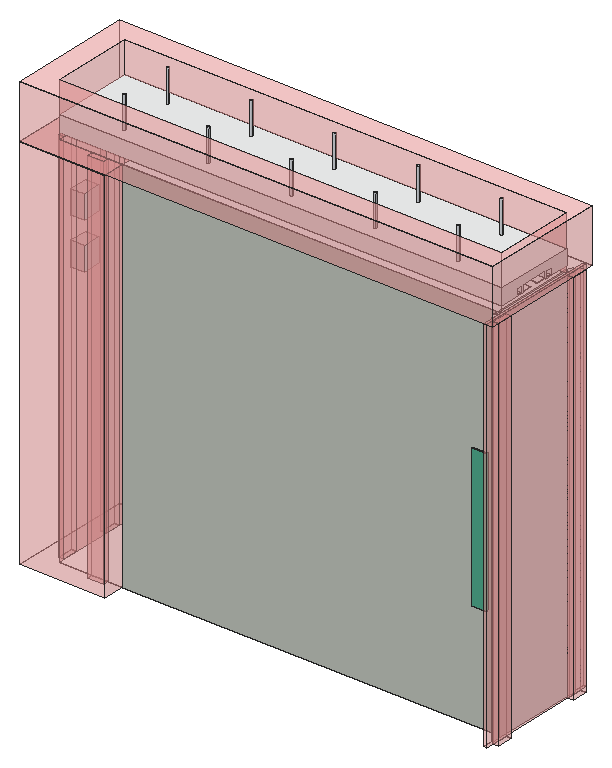
Revit family "Doors-Sliding_WON-DOOR_Fireguard-FG-Slim_Rods", category Doors, host Wall, Revit 2020
Family settings
  Host = Wall
  OmniClass Number = 23.17.11.31
  Always vertical = Yes
  Cut with Voids When Loaded = No
  Shared = No
  Room Calculation Point = No
Parameters (values of type "Height 7'-0"")
  Width Count [instance] = Width / 0' 1"  # 84
  Width [instance] = if(Clear Opening Width > Max Width, Max Width, if(Clear Opening Width < Min Width, Min Width, Clear Opening Width))  # 7' - 0"
  Wall Construction Clearance ( by other ) [instance] = yes
  Wall Constraction Without Pocket [instance] = if(and(Integer Parameter = 2, [Wall Construction Clearance ( by other )]), 1 = 1, 1 = 2)  # yes
  Wall Constraction With Pocket [instance] = if(and(Integer Parameter = 1, [Wall Construction Clearance ( by other )]), 1 = 1, 1 = 2)  # no
  Voltage [instance] = 120 V
  Value Step for Rod [instance] = if(not([Threaded Rods ( by Won-Door )]), Max Step for Threaded Rods, if(Step for Threaded Rods < Min Step for Threaded Rods, Min Step for Threaded Rods, if(Step for Threaded Rods > Max Step for Threaded Rods, Max Step for Threaded Rods, Step for Threaded Rods)))  # 2' - 0"
  Threaded Rods Height [instance] = Real Head Height - 0' 4 255/256"  # 0' - 7 1/256"
  Threaded Rods ( by Won-Door ) [instance] = yes
  Step for Threaded Rods [instance] = 2' - 0"
  Real Step for Threaded Rods [instance] = (General Length for Rod - 2' 0") / (Count Rod - 1)  # 1' - 6 1/2"
  Min Step for Threaded Rods [instance] = 0' - 1"  # constant formula
  Max Step for Threaded Rods [instance] = 6' - 5"  # constant formula
  Lookup Table = ""
  Integer Parameter Description [instance] = if(Integer Parameter = 1, "With Pocket", "Without Pocket")  # "Without Pocket"
  General Length for Rod [instance] = Width + Stack Depth  # 8' - 2"
  Count Rod [instance] = 1 + roundup((General Length for Rod - 2' 0") / Value Step for Rod)  # 5
  Backing Profile Without Pocket [instance] = if(and(Integer Parameter = 2, [Backing Profile Clearance ( by other )]), 1 = 1, 1 = 2)  # yes
  Backing Profile With Pocket [instance] = if(and(Integer Parameter = 1, [Backing Profile Clearance ( by other )]), 1 = 1, 1 = 2)  # no
  Version = 1
  URL = "https://www.wondoor.com/"
  Thickness = 1' - 6"  # constant formula
  Stack Depth [instance] = 1' - 2"  # constant formula
  Rough Width [instance] = Width + Stack Depth  # 8' - 2"
  Rough Height [instance] = Height + Real Head Height  # 8' - 0"
  Real Head Height [instance] = if(Head Height < Min Head Height, Min Head Height, Head Height)  # 1' - 0"
  Product data url = "https://bimobject.com/hortonautomatics/product/WON-DOOR-fireguard-fg-slim"
  Product Page URL = "https://wondoor.concora.com/products/5b755091-87b2-4cd1-bf2c-3ef30ec55121"
  Power Factor [instance] = 1
  Pocket Thickness = 2' - 3 3/4"  # constant formula
  Open [instance] = no
  Offset for Stack Depth = if(Pocket Thickness = 2' 3 3/4", 0' 4 7/8", if(Pocket Thickness = 2' 6 1/4", 0' 6 1/8", 0' 7 3/8"))  # 0' - 4 7/8"
  Offset for Backing Width = if(or(Pocket Thickness = 2' 6 1/4", Pocket Thickness = 2' 8 3/4"), 0' 3 1/4", 0' 3 1/8")  # 0' - 3 1/8"
  Offset for Backing Depth = if(Pocket Thickness = 2' 6 1/4", 0' 7 3/8", if(Pocket Thickness = 2' 8 3/4", 0' 8 5/8", 0' 6 1/8"))  # 0' - 6 1/8"
  Number of Poles [instance] = 1
  Model = "Fireguard FG Slim"  # constant formula
  Min Width [instance] = 4' - 0"  # constant formula
  Min Head Height [instance] = 1' - 0"  # constant formula
  Max Width [instance] = 9' - 0"  # constant formula
  Max Head Height [instance] = 5' - 0"  # constant formula
  Manufacturer = "Won-Door Corporation"  # constant formula
  Wall Closure = By host
  Integer Parameter [instance] = 2
  Height = 7' - 0"
  Head Height [instance] = 1' - 0"
  Fire Rating = ""
  Door Finish = Won-Door-Metal-Platinum
  Description = "The development of the accordion-type, horizontal sliding fire door– invented by Won-Door Corporation – has had a profound influence on the model code requirements that regulate their use. They may replace traditional solutions in virtually any means of egress. The Won-Door FireGuard Slim door is specifically designed for straight, single-parting applications that are 7' or 8' in height and up to 9' wide clear opening."  # constant formula
  Date Updated = ""
  Date Created = "2023/10/24"  # constant formula
  Current [instance] = 10 A  # constant formula
  Connector Description [instance] = "100-240 VAC, 60/50 Hz, 10 AMP"  # constant formula
  Closed [instance] = not(Open)  # yes
  Clear Opening Width [instance] = 7' - 0"
  Backing Profile Clearance ( by other ) [instance] = yes
  Apparent Load [instance] = Voltage * Current  # 1200 VA
Reference planes (in)
  plane 1 "Center (Front/Back)": y = 0
  plane 2 "Center (Left/Right)": x = 0
  plane 3 "Left": x = -42
  plane 4 "Right": x = 42
  plane 5 "Top": z = 84
  plane 6 "Exterior": y = 9
  plane 7 "Interior": y = -9
  plane 8: x = -56
  plane 9: x = 39
  plane 10: x = 35.75
  plane 11: z = 24
  plane 12: z = 55.25
  plane 13: y = 13.875
  plane 14: y = -13.875
  plane 15: x = -60.875
  plane 16: z = 96
  plane 17: y = 9
  plane 18: y = -9
  plane 19: z = 60
  plane 20: z = 12
  plane 21: z = 44.375
  plane 22: x = -45.125
  plane 23: y = 4.125
  plane 24: y = -4.125
  plane 25: y = 12.125
  plane 26: y = -12.125
  plane 27: y = 12.125
  plane 28: y = -12.125
  plane 29: x = 43.875
  plane 30: x = 39
  plane 31: x = 41.10266
  plane 32: x = 41.23326
  plane 33: x = -44
  plane 34: x = 30
  plane 35: z = 88.995
Forms (in)
  Extrusion 1, solid, material "Won-Door-Metal-Platinum" <- "Door Finish", visible <- "Closed", detail levels coarse+medium
    sketch origin (0, 0, 0) x (1, 0, 0) y (0, 1, 0)
      loop
        line (41.10266, 9) -> (-42, 9) -> (-42, -9) -> (41.10266, -9) -> (41.10266, 9)
    from 0 to 84
  Extrusion 2, solid, material "Won-Door-Plastic-Green", visible <- "Closed", detail levels medium+fine
    sketch origin (-1.63592, 0, 0) x (1, 0, 0) y (0, 1, 0)
      loop
        line (37.38592, -9) -> (37.38592, -9.5) -> (40.63592, -9.5) -> (40.63592, -9) -> (37.38592, -9)
      loop
        line (37.38592, 9) -> (40.63592, 9) -> (40.63592, 9.5) -> (37.38592, 9.5) -> (37.38592, 9)
    from 24 to 55.25
  Extrusion 3, solid, material "Won-Door-Metal-Platinum" <- "Door Finish", visible <- "Open"
    sketch origin (0, 0, 0) x (1, 0, 0) y (0, 1, 0)
      loop
        line (-56, 9) -> (-56, -9) -> (-45.875, -9) -> (-45.875, 9) -> (-56, 9)
    from 0 to 84
  Extrusion 4, solid, visible <- "Wall Constraction Without Pocket"
    sketch origin (0, 0, 0) x (1, 0, 0) y (0, 1, 0)
      loop
        line (-60.875, 13.875) -> (-60.875, -13.875) -> (-42, -13.875) -> (-42, -9) -> (-56, -9) -> (-56, 9) -> (-42, 9) -> (-42, 13.875) -> (-60.875, 13.875)
    from 0 to 84
  Extrusion 5, solid, material "Won-Door-Metal-Gray", detail levels fine
    sketch origin (42, 19.47829, 0) x (0, -1, 0) y (1, 0, 0)
      loop
        line (9.7376, 0) -> (8.25, 0) -> (8.25, -0.41471) -> (9.57689, -1.09079) -> (10.47829, -0.93185) -> (10.47829, -0.76674) -> (9.7376, -0.89734) -> (9.7376, 0)
    from 0 to 84
  Extrusion 6, solid, material "Won-Door-Metal-Gray", detail levels fine
    sketch origin (42, 19.47829, 0) x (0, -1, 0) y (1, 0, 0)
      loop
        line (29.21898, 0) -> (29.21898, -0.89734) -> (28.47829, -0.76674) -> (28.47829, -0.93185) -> (29.37969, -1.09079) -> (30.70657, -0.41471) -> (30.70657, 0) -> (29.21898, 0)
    from 0 to 84
  Extrusion 7, solid, material "Won-Door-Metal-Gray", detail levels coarse+medium
    sketch origin (42, 19.47829, 0) x (0, -1, 0) y (1, 0, 0)
      loop
        line (30.70657, 0) -> (29.21898, 0) -> (29.21898, -0.89734) -> (28.47829, -0.89734) -> (28.47829, -1.09079) -> (30.70657, -1.09079) -> (30.70657, 0)
    from 0 to 84
  Extrusion 8, solid, material "Won-Door-Metal-Gray", detail levels coarse+medium
    sketch origin (42, 19.47829, 0) x (0, -1, 0) y (1, 0, 0)
      loop
        line (8.25, 0) -> (8.25, -1.09079) -> (10.47829, -1.09079) -> (10.47829, -0.89734) -> (9.7376, -0.89734) -> (9.7376, 0) -> (8.25, 0)
    from 0 to 84
  Extrusion 9, solid, material "Won-Door-Metal-Gray", detail levels fine
    sketch origin (0, -9.5888, 85.00267) x (0, -1, 0) y (0, 0, -1)
      loop
        line (-0.5888, -0.49933) -> (-5.1268, -0.49933) -> (-5.1268, -0.58283) -> (-4.7018, -0.58283) -> (-4.7018, -1.99033) -> (-6.3018, -1.99033) -> (-6.3018, -0.58283) -> (-5.8768, -0.58283) -> (-5.8768, -0.49633) -> (-6.4008, -0.49633) -> (-6.4008, -0.65833) -> (-8.7058, -0.65833) -> (-8.7058, -0.76733) -> (-6.5098, -0.76733) -> (-6.5098, -2.13833) -> (-12.6678, -2.13833) -> (-12.6678, -0.76733) -> (-10.4718, -0.76733) -> (-10.4718, -0.65833) -> (-12.7768, -0.65833) -> (-12.7768, -0.49633) -> (-13.3008, -0.49633) -> (-13.3008, -0.58283) -> (-12.8758, -0.58283) -> (-12.8758, -1.99033) -> (-14.4758, -1.99033) -> (-14.4758, -0.58283) -> (-14.0508, -0.58283) -> (-14.0508, -0.49933) -> (-18.5888, -0.49933) -> (-18.5888, -3.99233) -> (-0.5888, -3.99233) -> (-0.5888, -0.49933)
    from -56 to 42
  Extrusion 10, solid, material "Won-Door-Metal-Gray", detail levels medium
    sketch origin (0, -9.5888, 85.00267) x (0, -1, 0) y (0, 0, -1)
      loop
        line (-18.5888, -3.99233) -> (-0.5888, -3.99233) -> (-0.5888, -0.49933) -> (-6.5098, -0.49933) -> (-6.5098, -2.13833) -> (-12.6678, -2.13833) -> (-12.6678, -0.49933) -> (-18.5888, -0.49933) -> (-18.5888, -3.99233)
    from -56 to 42
  Extrusion 11, solid, material "Won-Door-Metal-Gray", detail levels coarse
    sketch origin (0, -9.5888, 85.00267) x (0, -1, 0) y (0, 0, -1)
      loop
        line (-18.5888, -3.99233) -> (-0.5888, -3.99233) -> (-0.5888, -0.49933) -> (-18.5888, -0.49933) -> (-18.5888, -3.99233)
    from -56 to 42
  Extrusion 12, solid, material "Clearance", visible <- "Wall Construction Clearance ( by other )"
    sketch origin (0, 0, 0) x (1, 0, 0) y (0, 1, 0)
      loop
        line (-60.875, 13.875) -> (-60.875, -13.875) -> (43.875, -13.875) -> (43.875, 13.875) -> (-60.875, 13.875)
      loop
        line (-56, 9) -> (-56, -9) -> (42, -9) -> (42, 9) -> (-56, 9)
    from 84 to 96
  Extrusion 13, void
    sketch origin (0, 0, 0) x (1, 0, 0) y (0, 1, 0)
      loop
        line (42, -9) -> (42, 9) -> (-42, 9) -> (-42, -9) -> (42, -9)
    from 0 to 84
  Extrusion 14, solid, material "Won-Door-Metal-Gray", visible <- "Open", detail levels medium+fine
    sketch origin (0, 0, 0) x (1, 0, 0) y (0, 1, 0)
      loop
        line (-42, -8.875) -> (-42, 8.875) -> (-42.4375, 8.875) -> (-42.4375, 6.5) -> (-43, 6.5) -> (-43, -6.5) -> (-42.4375, -6.5) -> (-42.4375, -8.875) -> (-42, -8.875)
    from 0 to 84
  Extrusion 15, solid, material "Won-Door-Metal-Gray", visible <- "Open", detail levels coarse
    sketch origin (0, 0, 0) x (1, 0, 0) y (0, 1, 0)
      loop
        line (-42, -8.875) -> (-42, 8.875) -> (-43, 8.875) -> (-43, -8.875) -> (-42, -8.875)
    from 0 to 84
  Extrusion 16, void
    sketch origin (0, 0, 0) x (1, 0, 0) y (0, 1, 0)
      loop
        line (-56, 9) -> (-56, -9) -> (-42, -9) -> (-42, 9) -> (-56, 9)
    from 0 to 84
  Extrusion 17, solid, visible <- "Backing Profile Without Pocket"
    sketch origin (0, 0, 0) x (1, 0, 0) y (0, 1, 0)
      loop
        line (-57.25, 7.75) -> (-57.25, 4.125) -> (-56, 4.125) -> (-56, 7.75) -> (-57.25, 7.75)
      loop
        line (-57.25, -7.75) -> (-56, -7.75) -> (-56, -4.125) -> (-57.25, -4.125) -> (-57.25, -7.75)
      loop
        line (-45.125, 10.25) -> (-48.75, 10.25) -> (-48.75, 9) -> (-45.125, 9) -> (-45.125, 10.25)
      loop
        line (-45.125, -10.25) -> (-45.125, -9) -> (-48.75, -9) -> (-48.75, -10.25) -> (-45.125, -10.25)
    from 0 to 84
  Extrusion 18, solid, material "Clearance", visible <- "Wall Construction Clearance ( by other )"
    sketch origin (0, 0, 0) x (1, 0, 0) y (0, 1, 0)
      loop
        line (42, -13.875) -> (42.625, -13.875) -> (42.625, 13.875) -> (42, 13.875) -> (42, -13.875)
    from 0 to 84
  Extrusion 19, solid, material "Clearance", visible <- "Backing Profile Clearance ( by other )"
    sketch origin (0, 0, 0) x (1, 0, 0) y (0, 1, 0)
      loop
        line (42.625, 12.125) -> (42.625, 8.5) -> (43.875, 8.5) -> (43.875, 12.125) -> (42.625, 12.125)
      loop
        line (42.625, -12.125) -> (43.875, -12.125) -> (43.875, -8.5) -> (42.625, -8.5) -> (42.625, -12.125)
    from 0 to 84
  Extrusion 20, void
    sketch origin (0, 0, 0) x (1, 0, 0) y (0, 1, 0)
      loop
        line (-56, 9) -> (-56, -9) -> (42, -9) -> (42, 9) -> (-56, 9)
    from 84 to 96
  Extrusion 21, solid, material "Won-Door-Metal-Gray", visible <- "Closed", detail levels fine
    sketch origin (42, 19.47829, 0) x (0, -1, 0) y (1, 0, 0)
      loop
        line (29.21898, 0) -> (9.7376, 0) -> (9.7376, -0.89734) -> (10.47829, -0.76674) -> (28.47829, -0.76674) -> (29.21898, -0.89734) -> (29.21898, 0)
    from 0 to 84
  Extrusion 22, solid, material "Won-Door-Metal-Gray", visible <- "Closed", detail levels coarse+medium
    sketch origin (42, 19.47829, 0) x (0, -1, 0) y (1, 0, 0)
      loop
        line (9.7376, 0) -> (9.7376, -0.89734) -> (29.21898, -0.89734) -> (29.21898, 0) -> (9.7376, 0)
    from 0 to 84
  Extrusion 23, solid, material "Won-Door-Metal-Platinum", visible <- "Open", detail levels medium+fine
    sketch origin (-42, 9, 0) x (0, -1, 0) y (1, 0, 0)
      loop
        line (7.46327, -3.60287) -> (7.36997, -3.875) -> (10.63003, -3.875) -> (10.53673, -3.60287) -> (15.5, -2.50443) -> (15.5, -1) -> (2.5, -1) -> (2.5, -2.50443) -> (7.46327, -3.60287)
    from 0 to 84
  Extrusion 24, solid, material "Won-Door-Metal-Platinum", visible <- "Open", detail levels coarse
    sketch origin (-42, 9, 0) x (0, -1, 0) y (1, 0, 0)
      loop
        line (15.5, -3.875) -> (15.5, -1) -> (2.5, -1) -> (2.5, -3.875) -> (15.5, -3.875)
    from 0 to 84
  Extrusion 25, solid, material "Won-Door-Metal-Platinum" <- "Door Finish", visible <- "Closed", detail levels fine
    sketch origin (-42, 9, 0) x (0, -1, 0) y (1, 0, 0)
      loop
        line (0, 83.23326) -> (0, 0) -> (18, 0) -> (18, 83.23326) -> (0, 83.23326)
    from 0 to 84
  Extrusion 26, void
    sketch origin (-56, 9, 0) x (0, -1, 0) y (1, 0, 0)
      loop
        line (7.0625, -3) -> (11.0625, -3) -> (11.0625, 0) -> (7.0625, 0) -> (7.0625, -3)
    from 54.75 to 70.2875
  Extrusion 27, solid, material "Clearance", visible <- "Wall Constraction With Pocket"
    sketch origin (-56, 9, 0) x (0, -1, 0) y (1, 0, 0)
      loop
        line (-4.875, -4.875) -> (22.875, -4.875) -> (22.875, 9.125) -> (27.5625, 9.125) -> (27.5625, 14) -> (18, 14) -> (18, 0) -> (0, 0) -> (0, 14) -> (-9.5625, 14) -> (-9.5625, 9.125) -> (-4.875, 9.125) -> (-4.875, -4.875)
    from 0 to 84
  Extrusion 28, solid, material "Clearance", visible <- "Backing Profile With Pocket"
    sketch origin (-56, 9, 0) x (0, -1, 0) y (1, 0, 0)
      loop
        line (1.25, -1.25) -> (4.875, -1.25) -> (4.875, 0) -> (1.25, 0) -> (1.25, -1.25)
      loop
        line (16.75, -1.25) -> (16.75, 0) -> (13.125, 0) -> (13.125, -1.25) -> (16.75, -1.25)
      loop
        line (-4.25, 13.375) -> (-4.25, 9.75) -> (-3, 9.75) -> (-3, 13.375) -> (-4.25, 13.375)
      loop
        line (22.25, 13.375) -> (21, 13.375) -> (21, 9.75) -> (22.25, 9.75) -> (22.25, 13.375)
    from 0 to 84
Lines and regions (in)
  Masking region 1, detail levels fine
    outline origin (42, 19.47829, 0) x (0, -1, 0) y (1, 0, 0)
      loop
        line (8.25, -0.41471) -> (9.57689, -1.09079) -> (10.47829, -0.93185) -> (10.47829, -0.76674) -> (9.7376, -0.89734) -> (9.7376, 0) -> (8.25, 0) -> (8.25, -0.41471)
      loop
        line (30.70657, -0.41471) -> (30.70657, 0) -> (29.21898, 0) -> (29.21898, -0.89734) -> (28.47829, -0.76674) -> (28.47829, -0.93185) -> (29.37969, -1.09079) -> (30.70657, -0.41471)
  Masking region 2, detail levels coarse+medium
    outline origin (42, 19.47829, 0) x (0, -1, 0) y (1, 0, 0)
      loop
        line (8.25, 0) -> (8.25, -1.09079) -> (10.47829, -1.09079) -> (10.47829, -0.89734) -> (9.7376, -0.89734) -> (9.7376, 0) -> (8.25, 0)
      loop
        line (30.70657, 0) -> (29.21898, 0) -> (29.21898, -0.89734) -> (28.47829, -0.89734) -> (28.47829, -1.09079) -> (30.70657, -1.09079) -> (30.70657, 0)
  Masking region 3, visible <- "Closed", detail levels medium+fine
    outline origin (0, 0, 0) x (1, 0, 0) y (0, 1, 0)
      loop
        line (35.75, 9) -> (39, 9) -> (39, 9.5) -> (35.75, 9.5) -> (35.75, 9)
      loop
        line (35.75, -9) -> (35.75, -9.5) -> (39, -9.5) -> (39, -9) -> (35.75, -9)
  Masking region 4, visible <- "Closed", detail levels fine
    outline origin (0, 0, 0) x (1, 0, 0) y (0, 1, 0)
      loop
        line (-42, -9) -> (41.23326, -9) -> (41.10266, -9.74069) -> (42, -9.74069) -> (42, 9.74069) -> (41.10266, 9.74069) -> (41.23326, 9) -> (-42, 9) -> (-42, -9)
  Masking region 5, visible <- "Closed", detail levels medium
    outline origin (0, 0, 0) x (1, 0, 0) y (0, 1, 0)
      loop
        line (-42, 9) -> (-42, -9) -> (41.10266, -9) -> (41.10266, -9.74069) -> (42, -9.74069) -> (42, 9.74069) -> (41.10266, 9.74069) -> (41.10266, 9) -> (-42, 9)
  Masking region 6, visible <- "Closed", detail levels coarse
    outline origin (0, 0, 0) x (1, 0, 0) y (0, 1, 0)
      loop
        line (-42, 9) -> (-42, -9) -> (42, -9) -> (42, 9) -> (-42, 9)
  Masking region 7, visible <- "Wall Construction Clearance ( by other )"
    outline origin (0, 0, 0) x (1, 0, 0) y (0, 1, 0)
      loop
        line (42, -13.875) -> (42.625, -13.875) -> (42.625, 13.875) -> (42, 13.875) -> (42, -13.875)
  Masking region 8, visible <- "Backing Profile Clearance ( by other )"
    outline origin (0, 0, 0) x (1, 0, 0) y (0, 1, 0)
      loop
        line (42.625, 12.125) -> (42.625, 8.5) -> (43.875, 8.5) -> (43.875, 12.125) -> (42.625, 12.125)
      loop
        line (42.625, -12.125) -> (43.875, -12.125) -> (43.875, -8.5) -> (42.625, -8.5) -> (42.625, -12.125)
  reference lines
    curve 1: line (42, 19.47829, 0) -> (42, 0, 0)
    curve 2: line (0, -9.5888, 85.00267) -> (0, -12.70099, 85.00267)
    curve 3: line (-56, 9, 0) -> (-56, 0, 0)
    curve 4: line (-42, 9, 0) -> (-42, 0, 0)
  symbolic lines, detail levels fine
    curve 5: line (-55.9964, 6.458, 0) -> (-55.9964, 7.96875, 0)
  symbolic lines, detail levels medium
    curve 6: line (-56, 9, 0) -> (-56, 6.374, 0)
    curve 7: line (-56, 4.751, 0) -> (-56, -4.751, 0)
  symbolic lines, style "Clearance", visible <- "Backing Profile Clearance ( by other )"
    curve 8: line (43.875, 8.5, 0) -> (43.875, 12.125, 0)
    curve 9: line (43.875, 12.125, 0) -> (42.625, 12.125, 0)
    curve 10: line (42.625, 8.5, 0) -> (43.875, 8.5, 0)
    curve 11: line (42.625, 12.125, 0) -> (42.625, 8.5, 0)
    curve 12: line (43.875, -12.125, 0) -> (43.875, -8.5, 0)
    curve 13: line (43.875, -8.5, 0) -> (42.625, -8.5, 0)
    curve 14: line (42.625, -12.125, 0) -> (43.875, -12.125, 0)
    curve 15: line (42.625, -8.5, 0) -> (42.625, -12.125, 0)
  symbolic lines, style "Clearance", visible <- "Wall Construction Clearance ( by other )"
    curve 16: line (42, -13.875, 0) -> (42.625, -13.875, 0)
    curve 17: line (42, 13.875, 0) -> (42, -13.875, 0)
    curve 18: line (42.625, -13.875, 0) -> (42.625, 13.875, 0)
    curve 19: line (42.625, 13.875, 0) -> (42, 13.875, 0)
  symbolic lines, style "Doors", visible <- "Closed", detail levels fine
    curve 20: line (41.23326, 9, 0) -> (41.23326, -9, 0)
  symbolic lines, visible <- "Closed", detail levels coarse+medium
    curve 21: line (41.10266, 9, 0) -> (41.10266, -9, 0)
Text (in)
  text "Exterior" at (-74.96733, 27.31104, 0), in view "Ref. Level"
  text "Interior" at (-74.96733, -25.14366, 0), in view "Ref. Level"
  text "Exterior" at (0, 40.15149, 123.01588), in view "Right"
  text "Interior" at (0, -64.39139, 123.01588), in view "Right"
  text "Interior" at (0, -31.01599, 123.00693), in view "Left"
  text "Exterior" at (0, 54.57065, 123.00693), in view "Left"
Dimensions and locks (in)
  "Height": level to plane 5 "Top"
  equal spacing: plane 3 "Left", plane 2 "Center (Left/Right)", plane 4 "Right"
  "Width": plane 3 "Left" to plane 4 "Right"
  "Stack Depth": plane 8 to plane 3 "Left"
  locked: plane 9 to plane 4 "Right" at 3
  locked: plane 10 to plane 9 at 3.25
  locked: level to plane 11 at 24
  locked: plane 11 to plane 12 at 31.25
  locked: Extrusion 2 sketch curve to plane 7 "Interior" at 0.5
  equal spacing: plane 13, plane 1 "Center (Front/Back)", plane 14
  "Pocket Thickness": plane 13 to plane 14
  "Offset for Stack Depth": plane 15 to plane 8
  "Real Head Height": plane 5 "Top" to plane 16
  locked: Extrusion 7 to plane 7 "Interior" at 2.22829
  locked: Extrusion 6 to plane 7 "Interior" at 2.22829
  locked: Extrusion 8 to plane 17 at 2.22829
  locked: plane 18 to Extrusion 7 at 2.22829
  locked: Extrusion 5 to plane 17 at 2.22829
  locked: plane 18 to Extrusion 6 at 2.22829
  locked: plane 17 to Extrusion 14 sketch curve at 0.125
  locked: plane 17 to Extrusion 14 sketch curve at 2.5
  locked: Extrusion 14 sketch curve to plane 18 at 0.125
  locked: Extrusion 14 sketch curve to plane 18 at 2.5
  locked: Extrusion 14 sketch curve to plane 3 "Left" at 0.4375
  locked: Extrusion 14 sketch curve to plane 3 "Left" at 1
  locked: Extrusion 3 to plane 3 "Left" at 3.875
  locked: plane 17 to Extrusion 15 sketch curve at 0.125
  locked: Extrusion 15 sketch curve to plane 18 at 0.125
  locked: Extrusion 15 sketch curve to plane 3 "Left" at 1
  locked: plane 19 to level at 60
  locked: Masking region 3 sketch curve to plane 17 at 0.5
  locked: plane 18 to Masking region 3 sketch curve at 0.5
  locked: Masking region 4 sketch curve to plane 4 "Right" at 0.76674  (x2)
  locked: Masking region 4 sketch curve to plane 4 "Right" at 0.89734  (x2)
  locked: Masking region 4 sketch curve to plane 17 at 0.74069
  locked: plane 18 to Masking region 4 sketch curve at 0.74069
  locked: Masking region 5 sketch curve to plane 17 at 0.74069
  locked: Masking region 5 sketch curve to plane 4 "Right" at 0.89734  (x2)
  locked: plane 18 to Masking region 5 sketch curve at 0.74069
  locked: curve 4 to curve 4 at 9
  locked: curve 3 to curve 3 at 9
  locked: Extrusion 2 to Masking region 3 sketch curve at 0.5
  locked: curve 1 to curve 1 at 19.47829
  locked: Extrusion 2 sketch curve to plane 17 at 0.5
  locked: curve 2 to plane 1 "Center (Front/Back)" at 9.5888
  locked: curve 2 to plane 1 "Center (Front/Back)" at 12.70099
  "Offset for Backing Width": plane 22 to plane 3 "Left"
  locked: Extrusion 17 sketch curve to plane 8 at 1.25  (x2)
  locked: plane 4 "Right" to Extrusion 18 sketch curve at 0.625
  locked: plane 4 "Right" to Extrusion 19 sketch curve at 0.625  (x2)
  locked: plane 25 to Extrusion 19 sketch curve at 3.625
  locked: plane 26 to Extrusion 19 sketch curve at 3.625
  locked: plane 4 "Right" to Extrusion 19 sketch curve at 1.875  (x2)
  locked: plane 4 "Right" to Masking region 7 sketch curve at 0.625
  locked: plane 4 "Right" to Masking region 8 sketch curve at 0.625  (x2)
  locked: plane 27 to Masking region 8 sketch curve at 3.625
  locked: plane 28 to Masking region 8 sketch curve at 3.625
  locked: plane 4 "Right" to Masking region 8 sketch curve at 1.875  (x2)
  equal spacing: plane 17, plane 1 "Center (Front/Back)", plane 18
  locked: plane 17 to plane 18 at 18
  locked: plane 30 to plane 4 "Right" at 3
  locked: Extrusion 2 to plane 30 at 3.25  (x2)
  locked: Extrusion 12 sketch curve to plane 29 at 1.875
  locked: plane 4 "Right" to plane 29 at 1.875
  locked: plane 31 to plane 4 "Right" at 0.89734
  locked: plane 32 to plane 4 "Right" at 0.76674
  locked: plane 27 to plane 1 "Center (Front/Back)" at 12.125
  locked: plane 28 to plane 1 "Center (Front/Back)" at 12.125
  locked: plane 1 "Center (Front/Back)" to plane 25 at 12.125
  locked: plane 26 to plane 1 "Center (Front/Back)" at 12.125
  locked: plane 1 "Center (Front/Back)" to Extrusion 17 sketch curve at 4.125
  locked: plane 1 "Center (Front/Back)" to Extrusion 17 sketch curve at 7.75
  locked: Extrusion 17 sketch curve to plane 1 "Center (Front/Back)" at 7.75
  locked: Extrusion 17 sketch curve to plane 1 "Center (Front/Back)" at 4.125
  locked: level to nested 1 at 54.75
  locked: Extrusion 26 to Extrusion 26 at 15.5375
  locked: Extrusion 26 to level at 54.75
  Extrusion 26 sketch curve to Extrusion 26 sketch curve = 0' - 3"
  locked: Extrusion 17 sketch curve to Extrusion 17 sketch curve at 3.625  (x2)
  locked: Extrusion 27 sketch curve to Extrusion 27 sketch curve at 4.875  (x4)
  locked: Extrusion 17 sketch curve to Extrusion 17 sketch curve at 1.25  (x2)
  locked: Extrusion 28 sketch curve to plane 8 at 1.25  (x2)
  locked: plane 1 "Center (Front/Back)" to Extrusion 28 sketch curve at 4.125
  locked: plane 1 "Center (Front/Back)" to Extrusion 28 sketch curve at 7.75
  locked: Extrusion 28 sketch curve to plane 1 "Center (Front/Back)" at 7.75
  locked: Extrusion 28 sketch curve to plane 1 "Center (Front/Back)" at 4.125
  locked: Extrusion 28 sketch curve to Extrusion 28 sketch curve at 3.625  (x2)
  locked: Extrusion 28 sketch curve to Extrusion 28 sketch curve at 1.25  (x2)
  locked: Extrusion 28 sketch curve to plane 3 "Left" at 0.625  (x2)
  locked: plane 18 to Extrusion 28 sketch curve at 3
  locked: Extrusion 28 sketch curve to plane 17 at 3
  locked: plane 8 to plane 33 at 12
  locked: plane 34 to plane 4 "Right" at 12
  equal spacing: group 1, group 3, group 4, group 5, group 2  (x3)
  locked: plane 5 "Top" to plane 35 at 4.995
  aligned and locked: plane 6 "Exterior" to host wall
  aligned and locked: plane 9 to Extrusion 2 sketch curve
  aligned and locked: Extrusion 2 sketch curve to plane 10
  aligned and locked: Extrusion 2 to plane 11
  aligned and locked: plane 12 to Extrusion 2
  aligned and locked: Extrusion 4 sketch curve to plane 13
  aligned and locked: Extrusion 4 sketch curve to plane 15
  aligned and locked: Extrusion 4 sketch curve to plane 14
  aligned and locked: Extrusion 4 sketch curve to plane 8
  aligned and locked: Extrusion 4 sketch curve to plane 3 "Left"
  aligned and locked: plane 4 "Right" to curve 1
  aligned and locked: Extrusion 8 to plane 5 "Top"
  aligned and locked: Extrusion 5 to plane 5 "Top"
  aligned and locked: Extrusion 6 to plane 5 "Top"
  aligned and locked: Extrusion 7 to plane 5 "Top"
  aligned and locked: Extrusion 12 sketch curve to plane 13
  aligned and locked: Extrusion 12 sketch curve to plane 15
  aligned and locked: Extrusion 12 sketch curve to plane 14
  aligned and locked: Extrusion 12 sketch curve to plane 8
  aligned and locked: plane 5 "Top" to Extrusion 12
  aligned and locked: plane 16 to Extrusion 12
  aligned and locked: Extrusion 9 to plane 8
  aligned and locked: Extrusion 11 to plane 8
  aligned and locked: Extrusion 10 to plane 8
  aligned and locked: plane 17 to Extrusion 1
  aligned and locked: Extrusion 1 to plane 18
  aligned and locked: plane 18 to Extrusion 3 sketch curve
  aligned and locked: plane 17 to Extrusion 3 sketch curve
  aligned and locked: Extrusion 12 sketch curve to plane 17
  aligned and locked: Extrusion 12 sketch curve to plane 18
  aligned and locked: Extrusion 2 sketch curve to plane 18
  aligned and locked: plane 17 to Extrusion 4 sketch curve
  aligned and locked: plane 18 to Extrusion 4 sketch curve
  aligned and locked: Extrusion 13 sketch curve to plane 4 "Right"
  aligned and locked: Extrusion 14 sketch curve to plane 3 "Left"
  aligned and locked: Extrusion 14 to plane 5 "Top"
  aligned and locked: Extrusion 15 sketch curve to plane 3 "Left"
  aligned and locked: Extrusion 15 to plane 5 "Top"
  aligned and locked: Extrusion 4 to plane 5 "Top"
  aligned and locked: Extrusion 1 to plane 5 "Top"
  aligned and locked: Masking region 3 sketch curve to plane 17
  aligned and locked: Masking region 4 sketch curve to plane 3 "Left"
  aligned and locked: Masking region 4 sketch curve to plane 4 "Right"
  aligned and locked: Masking region 4 sketch curve to plane 17
  aligned and locked: Masking region 4 sketch curve to plane 18
  aligned and locked: Masking region 5 sketch curve to plane 17
  aligned and locked: Masking region 5 sketch curve to plane 18
  aligned and locked: Masking region 5 sketch curve to plane 3 "Left"
  aligned and locked: Masking region 5 sketch curve to plane 4 "Right"
  aligned and locked: Masking region 6 sketch curve to plane 17
  aligned and locked: Masking region 6 sketch curve to plane 18
  aligned and locked: Masking region 6 sketch curve to plane 4 "Right"
  aligned and locked: Masking region 6 sketch curve to plane 3 "Left"
  aligned and locked: plane 3 "Left" to curve 4
  aligned and locked: plane 1 "Center (Front/Back)" to curve 4
  aligned and locked: plane 1 "Center (Front/Back)" to curve 3
  aligned and locked: plane 1 "Center (Front/Back)" to curve 1
  aligned and locked: Extrusion 3 to plane 5 "Top"
  aligned and locked: Extrusion 16 sketch curve to plane 17
  aligned and locked: Extrusion 16 sketch curve to plane 18
  aligned and locked: Extrusion 16 sketch curve to plane 8
  aligned and locked: Extrusion 16 sketch curve to plane 3 "Left"
  aligned and locked: Extrusion 16 to plane 5 "Top"
  aligned and locked: plane 10 to Extrusion 2 sketch curve
  aligned and locked: Extrusion 2 sketch curve to plane 9
  aligned and locked: Extrusion 2 sketch curve to plane 17
  aligned and locked: Extrusion 11 sketch curve to plane 18
  aligned and locked: Extrusion 11 sketch curve to plane 17
  aligned and locked: Extrusion 9 sketch curve to plane 18
  aligned and locked: Extrusion 9 sketch curve to plane 17
  aligned and locked: Extrusion 10 sketch curve to plane 18
  aligned and locked: Extrusion 10 sketch curve to plane 17
  aligned and locked: Extrusion 17 sketch curve to plane 8
  aligned and locked: plane 8 to Extrusion 17 sketch curve
  aligned and locked: Extrusion 18 sketch curve to plane 4 "Right"
  aligned and locked: Extrusion 18 sketch curve to plane 13
  aligned and locked: Extrusion 18 sketch curve to plane 14
  aligned and locked: plane 25 to Extrusion 19 sketch curve
  aligned and locked: plane 26 to Extrusion 19 sketch curve
  aligned and locked: Extrusion 17 to plane 5 "Top"
  aligned and locked: Extrusion 19 to plane 5 "Top"
  aligned and locked: Extrusion 18 to plane 5 "Top"
  aligned and locked: Masking region 7 sketch curve to plane 4 "Right"
  aligned and locked: Masking region 7 sketch curve to plane 13
  aligned and locked: Masking region 7 sketch curve to plane 14
  aligned and locked: plane 27 to Masking region 8 sketch curve
  aligned and locked: plane 28 to Masking region 8 sketch curve
  aligned and locked: host wall to Extrusion 13 sketch curve  (x2)
  aligned and locked: Extrusion 13 to plane 5 "Top"
  aligned and locked: Extrusion 13 sketch curve to plane 3 "Left"
  aligned and locked: Extrusion 20 sketch curve to plane 17
  aligned and locked: Extrusion 20 sketch curve to plane 18
  aligned and locked: Extrusion 20 sketch curve to plane 8
  aligned and locked: plane 5 "Top" to Extrusion 20
  aligned and locked: Extrusion 12 sketch curve to plane 29
  aligned and locked: Masking region 3 sketch curve to plane 30
  aligned and locked: plane 30 to Masking region 3 sketch curve
  aligned and locked: Extrusion 20 sketch curve to plane 4 "Right"
  aligned and locked: Extrusion 9 to plane 4 "Right"
  aligned and locked: Extrusion 10 to plane 4 "Right"
  aligned and locked: Extrusion 11 to plane 4 "Right"
  aligned and locked: curve 8 to Masking region 8
  aligned and locked: curve 9 to Masking region 8
  aligned and locked: curve 10 to Masking region 8
  aligned and locked: curve 11 to Masking region 8
  aligned and locked: curve 12 to Masking region 8
  aligned and locked: curve 13 to Masking region 8
  aligned and locked: curve 14 to Masking region 8
  aligned and locked: curve 15 to Masking region 8
  aligned and locked: curve 16 to Masking region 7
  aligned and locked: curve 17 to Masking region 7
  aligned and locked: curve 18 to Masking region 7
  aligned and locked: curve 19 to Masking region 7
  aligned and locked: Extrusion 21 to plane 5 "Top"
  aligned and locked: Extrusion 22 to plane 5 "Top"
  aligned and locked: Extrusion 23 to plane 5 "Top"
  aligned and locked: Extrusion 24 to plane 5 "Top"
  aligned and locked: Extrusion 1 sketch curve to plane 31
  aligned and locked: Extrusion 25 to plane 5 "Top"
  aligned and locked: Extrusion 25 sketch curve to plane 32
  aligned and locked: Extrusion 25 sketch curve to plane 3 "Left"
  aligned and locked: Extrusion 25 sketch curve to plane 18
  aligned and locked: Extrusion 25 sketch curve to plane 17
  aligned and locked: nested 2 to plane 1 "Center (Front/Back)"
  aligned and locked: nested 2 to plane 15
  aligned and locked: Extrusion 17 sketch curve to plane 22
  aligned and locked: plane 22 to Extrusion 17 sketch curve
  aligned and locked: Extrusion 27 sketch curve to plane 15
  aligned and locked: plane 3 "Left" to Extrusion 27 sketch curve  (x2)
  aligned and locked: plane 13 to Extrusion 27 sketch curve
  aligned and locked: Extrusion 27 sketch curve to plane 14
  aligned and locked: Extrusion 27 to plane 5 "Top"
  aligned and locked: Extrusion 17 sketch curve to plane 17
  aligned and locked: Extrusion 17 sketch curve to plane 18
  aligned and locked: Extrusion 28 sketch curve to plane 8
  aligned and locked: plane 8 to Extrusion 28 sketch curve
  aligned and locked: Extrusion 28 to plane 5 "Top"
  aligned and locked: plane 16 to Extrusion 20
  aligned and locked: plane 33 to nested 3
  aligned and locked: plane 1 "Center (Front/Back)" to nested 3
  aligned and locked: plane 34 to nested 4
  aligned and locked: plane 1 "Center (Front/Back)" to nested 4
  aligned and locked: plane 35 to nested 4
  aligned and locked: plane 35 to nested 3
Automatic sketch dimensions
  curve 2 to plane 5 "Top" = 0' - 1.00267"
  curve 4 to Extrusion 23 sketch curve = 0' - 2 1/2"
  Extrusion 23 sketch curve to curve 4 = 0' - 1.63003"
  Extrusion 23 sketch curve to Extrusion 23 sketch curve = 0' - 0.0933"  (x2)
  curve 4 to Extrusion 23 sketch curve = 0' - 1.53673"
  curve 4 to Extrusion 23 sketch curve = 0' - 1"
  Extrusion 23 sketch curve to Extrusion 23 sketch curve = 0' - 4.96327"
  Extrusion 23 sketch curve to Extrusion 23 sketch curve = 0' - 1.50443"  (x2)
  Extrusion 23 sketch curve to curve 4 = 0' - 3.60287"  (x2)
  Extrusion 23 sketch curve to Extrusion 23 sketch curve = 0' - 0.27213"
  curve 4 to Extrusion 24 sketch curve = 0' - 2 1/2"
  curve 4 to Extrusion 24 sketch curve = 0' - 1"
  curve 4 to Extrusion 24 sketch curve = 0' - 6 1/2"
  Extrusion 24 sketch curve to Extrusion 24 sketch curve = 0' - 2 7/8"
  Extrusion 1 sketch curve to host wall = 0' - 0"
  Extrusion 1 sketch curve to plane 3 "Left" = 0' - 0"
  host wall to Extrusion 1 sketch curve = 0' - 0"
  Extrusion 3 sketch curve to plane 22 = 0' - 0 3/4"
  Extrusion 4 sketch curve to plane 3 "Left" = 0' - 0"
  Extrusion 5 sketch curve to curve 1 = 0' - 0"
  curve 1 to Extrusion 5 sketch curve = 0' - 8 1/4"
  curve 1 to Extrusion 5 sketch curve = 0' - 1.09079"
  Extrusion 5 sketch curve to Extrusion 5 sketch curve = 0' - 1.32689"
  Extrusion 5 sketch curve to Extrusion 5 sketch curve = 0' - 0.16071"
  Extrusion 5 sketch curve to Extrusion 5 sketch curve = 0' - 0.74069"
  Extrusion 5 sketch curve to Extrusion 5 sketch curve = 0' - 0.15894"
  Extrusion 5 sketch curve to Extrusion 5 sketch curve = 0' - 0.19345"
  Extrusion 5 sketch curve to Extrusion 5 sketch curve = 0' - 0.16511"
  curve 1 to Extrusion 5 sketch curve = 0' - 0.41471"
  Extrusion 6 sketch curve to curve 1 = 0' - 0"
  curve 1 to Extrusion 6 sketch curve = 0' - 0.93185"
  curve 1 to Extrusion 6 sketch curve = 0' - 9"
  Extrusion 6 sketch curve to Extrusion 6 sketch curve = 0' - 0.74069"
  curve 1 to Extrusion 6 sketch curve = 0' - 1.09079"
  Extrusion 6 sketch curve to Extrusion 6 sketch curve = 0' - 0.16071"
  curve 1 to Extrusion 6 sketch curve = 0' - 0.41471"
  Extrusion 6 sketch curve to Extrusion 6 sketch curve = 0' - 1.32689"
  Extrusion 6 sketch curve to Extrusion 6 sketch curve = 0' - 0.19345"
  Extrusion 6 sketch curve to Extrusion 6 sketch curve = 0' - 0.16511"
  Extrusion 7 sketch curve to curve 1 = 0' - 0"
  curve 1 to Extrusion 7 sketch curve = 0' - 1.09079"
  curve 1 to Extrusion 7 sketch curve = 0' - 9"
  Extrusion 7 sketch curve to Extrusion 7 sketch curve = 0' - 0.74069"
  Extrusion 7 sketch curve to Extrusion 7 sketch curve = 0' - 1.4876"
  Extrusion 7 sketch curve to Extrusion 7 sketch curve = 0' - 0.19345"
  Extrusion 8 sketch curve to curve 1 = 0' - 0"
  curve 1 to Extrusion 8 sketch curve = 0' - 8 1/4"
  Extrusion 8 sketch curve to Extrusion 8 sketch curve = 0' - 1.4876"
  Extrusion 8 sketch curve to Extrusion 8 sketch curve = 0' - 0.74069"
  curve 1 to Extrusion 8 sketch curve = 0' - 0.89734"
  Extrusion 8 sketch curve to Extrusion 8 sketch curve = 0' - 0.19345"
  curve 2 to Extrusion 9 sketch curve = 0' - 1.99033"
  Extrusion 9 sketch curve to Extrusion 9 sketch curve = 0' - 4.113"
  Extrusion 9 sketch curve to Extrusion 9 sketch curve = 0' - 0.425"  (x4)
  Extrusion 9 sketch curve to Extrusion 9 sketch curve = 0' - 0 3/4"  (x2)
  Extrusion 9 sketch curve to Extrusion 9 sketch curve = 0' - 0.099"
  Extrusion 9 sketch curve to Extrusion 9 sketch curve = 0' - 0.208"  (x2)
  curve 2 to Extrusion 9 sketch curve = 0' - 0.76733"
  Extrusion 9 sketch curve to Extrusion 9 sketch curve = 0' - 2.196"  (x2)
  curve 2 to Extrusion 9 sketch curve = 0' - 0.65833"
  Extrusion 9 sketch curve to Extrusion 9 sketch curve = 0' - 1.766"
  Extrusion 9 sketch curve to Extrusion 9 sketch curve = 0' - 0.109"  (x3)
  Extrusion 9 sketch curve to Extrusion 9 sketch curve = 0' - 1.332"
  Extrusion 9 sketch curve to Extrusion 9 sketch curve = 0' - 0.148"
  curve 2 to Extrusion 9 sketch curve = 0' - 3.99233"
  curve 2 to Extrusion 9 sketch curve = 0' - 0.58283"  (x2)
  Extrusion 9 sketch curve to Extrusion 9 sketch curve = 0' - 0.0755"  (x2)
  Extrusion 9 sketch curve to Extrusion 9 sketch curve = 0' - 0.0835"  (x2)
  Extrusion 9 sketch curve to Extrusion 9 sketch curve = 0' - 0.0865"  (x2)
  curve 2 to Extrusion 10 sketch curve = 0' - 0.49933"  (x2)
  Extrusion 10 sketch curve to Extrusion 10 sketch curve = 0' - 5.921"  (x2)
  Extrusion 10 sketch curve to Extrusion 10 sketch curve = 0' - 1.639"
  Extrusion 10 sketch curve to Extrusion 10 sketch curve = 0' - 3.493"
  Extrusion 11 sketch curve to curve 2 = 0' - 3.99233"
  curve 2 to Extrusion 11 sketch curve = 0' - 0.49933"
  plane 3 "Left" to Extrusion 14 sketch curve = 0' - 0 7/16"
  Masking region 1 sketch curve to curve 1 = 0' - 0"  (x2)
  curve 1 to Masking region 1 sketch curve = 0' - 0.41471"  (x2)
  curve 1 to Masking region 1 sketch curve = 0' - 8 1/4"
  curve 1 to Masking region 1 sketch curve = 0' - 1.09079"  (x2)
  Masking region 1 sketch curve to Masking region 1 sketch curve = 0' - 1.32689"  (x2)
  curve 1 to Masking region 1 sketch curve = 0' - 0.89734"
  Masking region 1 sketch curve to Masking region 1 sketch curve = 0' - 0.16071"  (x2)
  Masking region 1 sketch curve to Masking region 1 sketch curve = 0' - 0.74069"  (x2)
  curve 1 to Masking region 1 sketch curve = 0' - 0.93185"
  curve 1 to Masking region 1 sketch curve = 0' - 9"
  Masking region 1 sketch curve to Masking region 1 sketch curve = 0' - 0.0345"
  Masking region 1 sketch curve to Masking region 1 sketch curve = 0' - 0.19345"
  Masking region 1 sketch curve to Masking region 1 sketch curve = 0' - 0.16511"  (x2)
  Masking region 2 sketch curve to curve 1 = 0' - 0"  (x2)
  curve 1 to Masking region 2 sketch curve = 0' - 8 1/4"
  Masking region 2 sketch curve to Masking region 2 sketch curve = 0' - 1.4876"  (x2)
  Masking region 2 sketch curve to Masking region 2 sketch curve = 0' - 0.74069"  (x2)
  curve 1 to Masking region 2 sketch curve = 0' - 0.89734"  (x2)
  curve 1 to Masking region 2 sketch curve = 0' - 9"
  Masking region 2 sketch curve to Masking region 2 sketch curve = 0' - 0.19345"  (x2)
  Masking region 3 sketch curve to plane 30 = 0' - 3 1/4"  (x2)
  Extrusion 18 sketch curve to plane 4 "Right" = 0' - 0"
  curve 1 to curve 21 = 0' - 0.89734"
  curve 21 to curve 1 = 0' - 9"
  curve 21 to curve 20 = 0' - 0"  (x2)
  curve 1 to curve 20 = 0' - 0.76674"
  curve 1 to curve 20 = 0' - 9"
  Extrusion 21 sketch curve to curve 1 = 0' - 0"
  curve 1 to Extrusion 21 sketch curve = 0' - 9.7376"
  curve 1 to Extrusion 21 sketch curve = 0' - 0.76674"
  Extrusion 21 sketch curve to Extrusion 21 sketch curve = 0' - 0.74069"  (x2)
  curve 1 to Extrusion 21 sketch curve = 0' - 9"
  curve 1 to Extrusion 21 sketch curve = 0' - 0.89734"
  Extrusion 21 sketch curve to Extrusion 21 sketch curve = 0' - 0.1306"
  Extrusion 22 sketch curve to curve 1 = 0' - 0"
  curve 1 to Extrusion 22 sketch curve = 0' - 0.89734"
  curve 1 to Extrusion 22 sketch curve = 0' - 9.7376"
  curve 1 to Extrusion 22 sketch curve = 0' - 9.74069"
  curve 17 to plane 4 "Right" = 0' - 0"
  curve 19 to plane 13 = 0' - 0"
  curve 18 to plane 14 = 0' - 0"
  curve 10 to plane 4 "Right" = 0' - 0 5/8"
  curve 17 to curve 19 = 0' - 0 5/8"
  curve 13 to plane 4 "Right" = 0' - 0 5/8"
  curve 9 to curve 9 = 0' - 1 1/4"
  curve 13 to host wall = 0' - 0 1/2"
  curve 13 to curve 13 = 0' - 1 1/4"
  plane 14 to curve 14 = 0' - 1 3/4"
  curve 10 to host wall = 0' - 0 1/2"
  curve 8 to plane 13 = 0' - 1 3/4"
  Extrusion 26 sketch curve to curve 3 = 0' - 0"
  Extrusion 26 sketch curve to curve 3 = 0' - 1 15/16"
  curve 3 to Extrusion 26 sketch curve = 0' - 2 1/16"
  curve 6 to curve 3 = 0' - 0"  (x2)
  curve 7 to curve 3 = 0' - 0"
  curve 5 to curve 3 = 0' - 0.0036"
  curve 3 to curve 5 = 0' - 1 1/32"
  curve 5 to curve 5 = 0' - 1.51075"
  curve 5 to curve 6 = 0' - 0.084"
  curve 3 to curve 7 = 0' - 4.751"
  curve 6 to curve 7 = 0' - 1.623"
  Extrusion 27 sketch curve to Extrusion 27 sketch curve = 0' - 4 11/16"  (x2)
  Extrusion 27 sketch curve to curve 3 = 0' - 0"
  Extrusion 3 sketch curve to plane 8 = 0' - 0"
  curve 3 to plane 8 = 0' - 0"
Nested families (in)
  nested 1: "Electrical_Won-Door_Slim-Door" at (-57.5, 5.9375, 42.75) x (-1, 0, 0) z (0, 0, 1), Voltage <- "Voltage", Power Factor <- "Power Factor", Number of Poles <- "Number of Poles", Apparent Load <- "Apparent Load", Connector Description <- "Connector Description", Current <- "Current", type "Electrical_Won-Door_Doors"
    with Voltage 120 V, Power Factor 1, Number of Poles 1, Current 10 A, Connector Description "100-240 VAC, 60/50 Hz, 10 AMP", Apparent Load 1200 VA
  nested 2: "Detal Item" at (-42, 0, 0) x (0, -1, 0) z (0, 0, 1), Open <- "Open", Close <- "Closed", Backing Profile With Pocket <- "Backing Profile With Pocket", Wall Construction With Pocket <- "Wall Constraction With Pocket", Backing Profile Without Pocket <- "Backing Profile Without Pocket", Wall Construction Without Pocket <- "Wall Constraction Without Pocket", type "Detail Item"
    with Wall Construction Without Pocket yes, Wall Construction With Pocket no, Open no, Close yes, Backing Profile Without Pocket yes, Backing Profile With Pocket no
  nested 3: "Rod_element" at (-44, 0, 88.995), visible <- "Threaded Rods ( by Won-Door )", type "Rod_element"
  nested 4: "Rod_element" at (30, 0, 88.995), visible <- "Threaded Rods ( by Won-Door )", type "Rod_element"
  nested 5: "Rod_element" at (-25.5, 0, 88.995), visible <- "Threaded Rods ( by Won-Door )", type "Rod_element"
  nested 6: "Rod_element" at (-7, 0, 88.995), visible <- "Threaded Rods ( by Won-Door )", type "Rod_element"
  nested 7: "Rod_element" at (11.5, 0, 88.995), visible <- "Threaded Rods ( by Won-Door )", type "Rod_element"
Definition of nested family "Electrical_Won-Door_Slim-Door"
  Parameters (values of type "Electrical_Won-Door_Doors")
    Voltage [instance] = 0 V
    Power Factor [instance] = 0
    Number of Poles [instance] = 1
    Default Elevation = 4' - 0"
    Current [instance] = 10 A
    Connector Description [instance] = "120 VAC, 60/50 Hz"
    Apparent Load [instance] = 0 VA
  Reference planes (in)
    plane 1 "Center (Front/Back)": y = 0
    plane 2: z = 0
    plane 3 "Center (Left/Right)": x = 0
    plane 4: z = 12
    plane 5: z = 17.25
  Forms (in)
    Extrusion 1, solid
      sketch origin (0, 0, 0) x (1, 0, 0) y (0, 1, 0)
        loop
          line (1.5, -4) -> (-1.5, -4) -> (-1.5, -8) -> (1.5, -8) -> (1.5, -4)
      from 12 to 17.25
    Extrusion 2, solid
      sketch origin (0, 0, 0) x (1, 0, 0) y (0, 1, 0)
        loop
          line (1.5, -4) -> (-1.5, -4) -> (-1.5, -8) -> (1.5, -8) -> (1.5, -4)
      from 22.2875 to 27.5375
  Dimensions and locks (in)
    locked: plane 1 "Center (Front/Back)" to Extrusion 1 sketch curve at 4
    locked: Extrusion 1 sketch curve to plane 1 "Center (Front/Back)" at 8
    equal spacing: Extrusion 1 sketch curve, plane 3 "Center (Left/Right)", Extrusion 1 sketch curve, locked at 1.5 each
    locked: Extrusion 1 sketch curve to Extrusion 1 sketch curve at 3
    locked: plane 4 to plane 2 at 12
    locked: plane 5 to plane 4 at 5.25
    Extrusion 2 sketch curve to Extrusion 2 sketch curve = 0' - 3"
    locked: Extrusion 2 sketch curve to Extrusion 2 sketch curve at 3
    locked: Extrusion 2 to Extrusion 2 at 5.25
    aligned and locked: plane 2 to level
    aligned and locked: Extrusion 1 to plane 4
    aligned and locked: plane 5 to Extrusion 1
  Connectors (in)
    electrical at (0, -8, 14.625), driven by "Number of Poles", driven by "Voltage", driven by "Power Factor", driven by "Apparent Load", driven by "Apparent Load", driven by "Connector Description"
      settings: on Extrusion 1, index 1, voltage 0 V, apparent load 0 VA, apparent load phase1 0 VA, apparent load phase2 0 VA, apparent load phase3 0 VA, power factor 0, load classification none, number of poles 1, system type 30, power factor state 1, is connector primary yes, connector utility no, sub classification motor no, connector description "120 VAC, 60/50 Hz"
Definition of nested family "Rod_element"
  Parameters (values of type "Rod_element")
    Vis Rod = yes
    Rod Radius = 0' - 0 1/4"  # constant formula
    Rod Height = 0' - 7 1/256"
    Rod Center Position for Depth = 1' - 0"  # constant formula
    Rod Start = 0' - 0"  # constant formula
    Default Elevation = 4' - 0"
  Reference planes (in)
    plane 1 "Center (Front/Back)": y = 0
    plane 2: z = 0
    plane 3 "Center (Left/Right)": x = 0
    plane 4: y = 6
    plane 5: y = -6
    plane 6: x = 0
    plane 7: z = 7.00391
  Forms (in)
    Extrusion 1, solid, visible <- "Vis Rod", detail levels medium+fine
      sketch origin (59, 0, 0) x (1, 0, 0) y (0, 1, 0)
        loop
          circle (-59, 6) r 0.25
        loop
          circle (-59, -6) r 0.25
      from 0 <- "Rod Start" to 7.00391 <- "Rod Height"
    Extrusion 2, solid, visible <- "Vis Rod", detail levels coarse
      sketch origin (19, 0, 0) x (1, 0, 0) y (0, 1, 0)
        loop
          line (-19.25, 5.75) -> (-18.75, 5.75) -> (-18.75, 6.25) -> (-19.25, 6.25) -> (-19.25, 5.75)
        loop
          line (-19.25, -5.75) -> (-19.25, -6.25) -> (-18.75, -6.25) -> (-18.75, -5.75) -> (-19.25, -5.75)
      from 0 <- "Rod Start" to 7.00391 <- "Rod Height"
  Lines and regions (in)
    symbolic lines, visible <- "Vis Rod", detail levels coarse
      curve 1: line (-0.25, 6.25, 0) -> (-0.25, 5.75, 0)
      curve 2: line (0.25, 6.25, 0) -> (-0.25, 6.25, 0)
      curve 3: line (0.25, 5.75, 0) -> (0.25, 6.25, 0)
      curve 4: line (-0.25, 5.75, 0) -> (0.25, 5.75, 0)
      curve 5: line (0.25, -5.75, 0) -> (-0.25, -5.75, 0)
      curve 6: line (0.25, -6.25, 0) -> (0.25, -5.75, 0)
      curve 7: line (-0.25, -6.25, 0) -> (0.25, -6.25, 0)
      curve 8: line (-0.25, -5.75, 0) -> (-0.25, -6.25, 0)
    symbolic lines, visible <- "Vis Rod", detail levels medium+fine
      curve 9: arc (0.25, 6, 0) -> (0, 6.25, 0) -> (-0.25, 6, 0) r 0.25
      curve 10: arc (-0.25, 6, 0) -> (0, 5.75, 0) -> (0.25, 6, 0) r 0.25
      curve 11: arc (0.25, -6, 0) -> (0, -5.75, 0) -> (-0.25, -6, 0) r 0.25
      curve 12: arc (-0.25, -6, 0) -> (0, -6.25, 0) -> (0.25, -6, 0) r 0.25
  Dimensions and locks (in)
    equal spacing: plane 4, plane 1 "Center (Front/Back)", plane 5
    "Rod Center Position for Depth": plane 4 to plane 5
    "Rod Height": plane 7 to plane 2
    locked: Extrusion 2 sketch curve to Extrusion 2 sketch curve at 0.5  (x4)
    "Rod Radius": radius of Extrusion 1 sketch curve  (x2)
    aligned and locked: plane 2 to level
    aligned and locked: Extrusion 2 sketch curve to Extrusion 2 sketch curve
    aligned and locked: curve 1 to Extrusion 2
    aligned and locked: curve 2 to Extrusion 2
    aligned and locked: curve 3 to Extrusion 2
    aligned and locked: curve 4 to Extrusion 2
    aligned and locked: curve 5 to Extrusion 2
    aligned and locked: curve 6 to Extrusion 2
    aligned and locked: curve 7 to Extrusion 2
    aligned and locked: curve 8 to Extrusion 2
    aligned and locked: curve 9 to Extrusion 1
    aligned and locked: curve 10 to Extrusion 1
    aligned and locked: curve 11 to Extrusion 1
    aligned and locked: curve 12 to Extrusion 1
  Automatic sketch dimensions
    Extrusion 2 sketch curve to Extrusion 2 sketch curve = 0' - 11 1/2"
    curve 9 to curve 10 = 0' - 0"  (x5)
    curve 11 to curve 12 = 0' - 0"  (x5)
    curve 1 to curve 5 = 1' - 0"
    curve 11 to curve 12 = 0' - 0 1/4"
    curve 1 to curve 9 = 0' - 0.35355"  (x2)
    curve 9 to curve 4 = 0' - 0.35355"
    curve 7 to curve 12 = 0' - 0.35355"
    curve 11 to curve 6 = 0' - 0 1/4"
    curve 5 to curve 4 = 0' - 11 1/2"
    curve 9 to curve 2 = 0' - 0 1/4"  (x2)
    curve 10 to curve 9 = 0' - 0"
    Extrusion 2 sketch curve to plane 6 = 0' - 0 1/4"
    Extrusion 2 sketch curve to plane 5 = 0' - 0 1/4"
    curve 12 to plane 5 = 0' - 0"
    curve 10 to plane 4 = 0' - 0"
    curve 10 to plane 3 "Center (Left/Right)" = 0' - 0"
    curve 11 to plane 3 "Center (Left/Right)" = 0' - 0"
    curve 7 to plane 3 "Center (Left/Right)" = 0' - 0 1/4"
    curve 4 to plane 3 "Center (Left/Right)" = 0' - 0 1/4"
    curve 6 to curve 11 = 0' - 0 1/4"
    plane 5 to curve 6 = 0' - 0 1/4"
    curve 4 to plane 4 = 0' - 0 1/4"
    Extrusion 1 sketch curve to plane 3 "Center (Left/Right)" = 0' - 0"  (x2)
    Extrusion 1 sketch curve to plane 5 = 0' - 0"
    Extrusion 1 sketch curve to plane 4 = 0' - 0"
Definition of nested family "Detal Item"
  Parameters (values of type "Masking")
    Wall Construction Without Pocket [instance] = yes
    Wall Construction With Pocket [instance] = yes
    Open [instance] = yes
    Close [instance] = yes
    Backing Profile Without Pocket [instance] = yes
    Backing Profile With Pocket [instance] = yes
  Reference planes (in)
    plane 1 "Center (Front/Back)": y = 0
    plane 2: z = 0
    plane 3 "Center (Left/Right)": x = 0
  Lines and regions (in)
    Masking region 1, in view "Ref. Level", visible <- "Wall Construction Without Pocket"
      outline origin (0, 0, 0) x (1, 0, 0) y (0, 1, 0)
        loop
          line (-13.875, -18.875) -> (13.875, -18.875) -> (13.875, 0) -> (9, 0) -> (9, -14) -> (-9, -14) -> (-9, 0) -> (-13.875, 0) -> (-13.875, -18.875)
    Masking region 2, in view "Ref. Level", visible <- "Backing Profile Without Pocket"
      outline origin (0, 0, 0) x (1, 0, 0) y (0, 1, 0)
        loop
          line (-7.75, -15.25) -> (-4.125, -15.25) -> (-4.125, -14) -> (-7.75, -14) -> (-7.75, -15.25)
        loop
          line (7.75, -15.25) -> (7.75, -14) -> (4.125, -14) -> (4.125, -15.25) -> (7.75, -15.25)
        loop
          line (-9, -3.125) -> (-10.25, -3.125) -> (-10.25, -6.75) -> (-9, -6.75) -> (-9, -3.125)
        loop
          line (9, -3.125) -> (9, -6.75) -> (10.25, -6.75) -> (10.25, -3.125) -> (9, -3.125)
    Masking region 3, in view "Ref. Level"
      outline origin (0, 0, 0) x (1, 0, 0) y (0, 1, 0)
        loop
          line (-9, 0) -> (-9, -14) -> (9, -14) -> (9, 0) -> (-9, 0)
    Masking region 4, in view "Ref. Level", detail levels medium
      outline origin (0, 0, 0) x (1, 0, 0) y (0, 1, 0)
        loop
          line (-1.59682, -13.90625) -> (-1.52454, -13.62019) -> (-6.73599, -13.62019) -> (-6.65934, -13.90625) -> (-1.59682, -13.90625)
        loop
          line (-1.59682, -13.39325) -> (-1.52694, -13.11668) -> (-6.73345, -13.11668) -> (-6.65934, -13.39325) -> (-1.59682, -13.39325)
        loop
          line (-1.5947, -12.87592) -> (-1.52482, -12.59936) -> (-6.73133, -12.59936) -> (-6.65722, -12.87592) -> (-1.5947, -12.87592)
        loop
          line (-1.5947, -12.35917) -> (-1.52482, -12.0826) -> (-6.73133, -12.0826) -> (-6.65722, -12.35917) -> (-1.5947, -12.35917)
        loop
          line (-1.5947, -11.84117) -> (-1.52482, -11.5646) -> (-6.73133, -11.5646) -> (-6.65722, -11.84117) -> (-1.5947, -11.84117)
        loop
          line (1.59682, -13.90625) -> (6.65934, -13.90625) -> (6.73599, -13.62019) -> (1.52454, -13.62019) -> (1.59682, -13.90625)
        loop
          line (1.59682, -13.39325) -> (6.65934, -13.39325) -> (6.73345, -13.11668) -> (1.52694, -13.11668) -> (1.59682, -13.39325)
        loop
          line (1.5947, -12.87592) -> (6.65722, -12.87592) -> (6.73133, -12.59936) -> (1.52482, -12.59936) -> (1.5947, -12.87592)
        loop
          line (1.5947, -12.35917) -> (6.65722, -12.35917) -> (6.73133, -12.0826) -> (1.52482, -12.0826) -> (1.5947, -12.35917)
        loop
          line (1.5947, -11.84117) -> (6.65722, -11.84117) -> (6.73133, -11.5646) -> (1.52482, -11.5646) -> (1.5947, -11.84117)
        loop
          line (-1.5947, -11.32164) -> (-1.52482, -11.04507) -> (-6.73133, -11.04507) -> (-6.65722, -11.32164) -> (-1.5947, -11.32164)
        loop
          line (-1.5947, -10.80211) -> (-1.52482, -10.52554) -> (-6.73133, -10.52554) -> (-6.65722, -10.80211) -> (-1.5947, -10.80211)
        loop
          line (-1.5947, -10.28258) -> (-1.52482, -10.00601) -> (-6.73133, -10.00601) -> (-6.65722, -10.28258) -> (-1.5947, -10.28258)
        loop
          line (-1.5947, -9.76305) -> (-1.52482, -9.48648) -> (-6.73133, -9.48648) -> (-6.65722, -9.76305) -> (-1.5947, -9.76305)
        loop
          line (-1.5947, -9.24351) -> (-1.52482, -8.96695) -> (-6.73133, -8.96695) -> (-6.65722, -9.24351) -> (-1.5947, -9.24351)
        loop
          line (1.5947, -11.32164) -> (6.65722, -11.32164) -> (6.73133, -11.04507) -> (1.52482, -11.04507) -> (1.5947, -11.32164)
        loop
          line (1.5947, -10.80211) -> (6.65722, -10.80211) -> (6.73133, -10.52554) -> (1.52482, -10.52554) -> (1.5947, -10.80211)
        loop
          line (1.5947, -10.28258) -> (6.65722, -10.28258) -> (6.73133, -10.00601) -> (1.52482, -10.00601) -> (1.5947, -10.28258)
        loop
          line (1.5947, -9.76305) -> (6.65722, -9.76305) -> (6.73133, -9.48648) -> (1.52482, -9.48648) -> (1.5947, -9.76305)
        loop
          line (1.5947, -9.24351) -> (6.65722, -9.24351) -> (6.73133, -8.96695) -> (1.52482, -8.96695) -> (1.5947, -9.24351)
        loop
          line (-6.53303, -1) -> (-6.53303, -1.94215) -> (-1.53673, -3.0479) -> (-1.63003, -3.32003) -> (-6.67153, -3.32003) -> (-6.74818, -3.60609) -> (-1.53673, -3.60609) -> (-1.60677, -3.32891) -> (-1.50328, -3.02703) -> (-6.5, -1.92119) -> (-6.5, -1) -> (-6.53303, -1)
        loop
          line (-1.53913, -4.10959) -> (-1.60902, -3.83303) -> (-6.67153, -3.83303) -> (-6.74564, -4.10959) -> (-1.53913, -4.10959)
        loop
          line (-1.53701, -4.62692) -> (-1.6069, -4.35035) -> (-6.66942, -4.35035) -> (-6.74352, -4.62692) -> (-1.53701, -4.62692)
        loop
          line (-1.54851, -5.61617) -> (-1.6069, -5.38511) -> (-6.66942, -5.38511) -> (-6.73133, -5.61617) -> (-1.54851, -5.61617)
        loop
          line (-1.53701, -5.14368) -> (-1.6069, -4.86711) -> (-6.66942, -4.86711) -> (-6.74352, -5.14368) -> (-1.53701, -5.14368)
        loop
          line (6.53303, -1) -> (6.5, -1) -> (6.5, -1.92119) -> (1.50328, -3.02703) -> (1.60677, -3.32891) -> (1.53673, -3.60609) -> (6.74818, -3.60609) -> (6.67153, -3.32003) -> (1.63003, -3.32003) -> (1.53673, -3.0479) -> (6.53303, -1.94215) -> (6.53303, -1)
        loop
          line (1.53913, -4.10959) -> (6.74564, -4.10959) -> (6.67153, -3.83303) -> (1.60902, -3.83303) -> (1.53913, -4.10959)
        loop
          line (1.53701, -4.62692) -> (6.74352, -4.62692) -> (6.66942, -4.35035) -> (1.6069, -4.35035) -> (1.53701, -4.62692)
        loop
          line (1.54851, -5.61617) -> (6.73133, -5.61617) -> (6.66942, -5.38511) -> (1.6069, -5.38511) -> (1.54851, -5.61617)
        loop
          line (1.53701, -5.14368) -> (6.74352, -5.14368) -> (6.66942, -4.86711) -> (1.6069, -4.86711) -> (1.53701, -5.14368)
    Masking region 5, in view "Ref. Level", visible <- "Open", detail levels coarse
      outline origin (0, 0, 0) x (1, 0, 0) y (0, 1, 0)
        loop
          line (8.875, 0) -> (-8.875, 0) -> (-8.875, -1) -> (-2.5, -1) -> (-2.5, -1.25) -> (2.5, -1.25) -> (2.5, -1) -> (8.875, -1) -> (8.875, 0)
